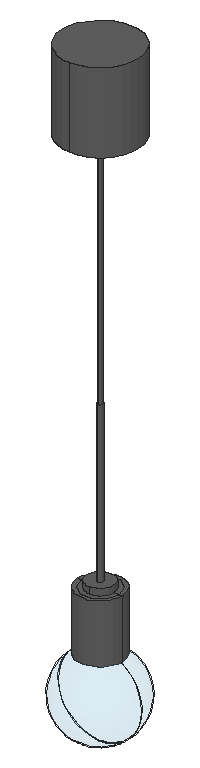
Revit family "Justerbar Lab Pendle_Bole", category Lighting Fixtures, Revit 2021
Family settings
  Round Connector Dimension = Use Diameter
  Part Type = Normal
  OmniClass Number = 23.80.70.00
  OmniClass Title = Lighting
  Work Plane-Based = No
  Always vertical = Yes
  Cut with Voids When Loaded = No
  Light Source = Yes
  Shared = No
  Room Calculation Point = No
Parameters
  Wattage = 9.2903 W
  built-in parameter 1150110 = 1 (stored number, unit not read)
  built-in parameter 1114217 = 1 (stored number, unit not read)
  built-in parameter 1150109 = 1 (stored number, unit not read)
  built-in parameter 1150134 = (empty or 0)
  Spredning = "120"
  Pendle Wire = 3360 mm
  Dist. floor [instance] = 3000 mm
  MacAdams = "< 3 SCDM"
  Lyskilde = "LED"
  Lumen = "660lm"
  Levetid = "L70 50.000 timer"
  Level Heigth [instance] = 4000 mm
  Kjøle metode = "Passiv"
  Frekvens Sekundærkilde = "> 1000 Hz"
  Frekvens = "50-60 Hz"
  Floor thickness [instance] = 300 mm
  Fargetemperatur = "2700K, 3000K,eller DW"
  Farger = "Sort"
  Effekt = "6W"
  Driftspenning = "220-240V"
  Dimbar = "Dali eller Triac"
  CRI = ">90"
  Beskyttelsesgrad = "IP20"
  Wirel-lengde [instance] = 2750 mm
  built-in parameter 1150113 = 1 (stored number, unit not read)
  Lumens = 1380 lm
  built-in parameter 1150115 = 1 (stored number, unit not read)
  built-in parameter 1150105 = 109.82 (stored number, unit not read)
  Light Source Symbol Size = 609.6 mm
  built-in parameter 1150137 = (empty or 0)
  built-in parameter 1150139 = (empty or 0)
  built-in parameter 1150112 = 1 (stored number, unit not read)
  built-in parameter 1150114 = 1 (stored number, unit not read)
  built-in parameter 1150132 = 2
  built-in parameter 1150102 = (empty or 0)
  built-in parameter 1150138 = (empty or 0)
  built-in parameter 1150107 = 3000 (stored number, unit not read)
  built-in parameter 1150106 = 1.0982 (stored number, unit not read)
  built-in parameter 1150104 = 13.8 (stored number, unit not read)
  Dimming Lamp Color Temperature Shift = (empty or 0)
  Default Elevation = 0 mm
  Color Filter = 16777215
  built-in parameter 1114218 = 1 (stored number, unit not read)
  built-in parameter 1150133 = 10 (stored number, unit not read)
Reference planes
  plane 1 "Light Source Axis (F/B)": y = 0
  plane 2: z = 0
  plane 3 "Light Source Axis (L/R)": x = 0
  plane 4 "Light Source Elevation": z = 3044.424
  plane 5 "Tak": z = 3700
  plane 6: z = 3610
  plane 7: z = 3603
  plane 8: z = 0.033
  plane 9: z = 4000
  plane 10: z = 3339.004
  plane 11: z = 3044.424
  plane 12: z = 3000
Forms (mm)
  Extrusion 1, solid, material "Default New Material"
    sketch origin (0, 0, 589.968) x (0, 1, 0) y (-1, 0, 0)
      loop
        circle (0, 0) r 42.5
    from 3020.032 to 3110.032
  Extrusion 2, solid, material "Default New Material"
    sketch origin (0, 0, 589.968) x (0, 1, 0) y (-1, 0, 0)
      loop
        circle (0, 0) r 6
    from 3013.032 to 3020.032
  Extrusion 3, solid, material "Default New Material"
    sketch origin (0, 0, 589.968) x (0, 1, 0) y (-1, 0, 0)
      loop
        circle (0, 0) r 2.031
    from 2749.036 to 3013.032
Dimensions and locks
  Extrusion 1 to Extrusion 1 to Extrusion 2 = 90 mm locked, 7 mm locked
  locked: plane 6 to plane 5 "Tak" at 90
  locked: plane 7 to plane 6 at 7
  "Floor thickness": plane 5 "Tak" to plane 9
  "Level Heigth": level to plane 9
  locked: plane 11 to plane 10 at 294.58
  "Dist. floor": level to plane 12
  locked: plane 12 to plane 11 at 44.424
  aligned and locked: plane 4 "Light Source Elevation" to imposter light
  aligned and locked: level to plane 2
  aligned and locked: plane 5 "Tak" to Extrusion 1
  aligned and locked: Extrusion 1 to plane 6
  aligned and locked: Extrusion 2 to Extrusion 1
  aligned and locked: Extrusion 2 to Extrusion 3
  aligned and locked: plane 7 to Extrusion 3
  aligned and locked: Extrusion 2 to plane 7
  aligned and locked: plane 6 to Extrusion 1
  aligned and locked: Extrusion 3 to plane 10
  aligned and locked: plane 10 to nested 1
  aligned and locked: plane 11 to nested 1
  aligned and locked: plane 4 "Light Source Elevation" to plane 11
Automatic sketch dimensions
  plane 1 "Light Source Axis (F/B)" to Extrusion 1 sketch curve = 0 mm
  Extrusion 1 sketch curve to plane 3 "Light Source Axis (L/R)" = 0 mm
  plane 1 "Light Source Axis (F/B)" to Extrusion 2 sketch curve = 0 mm
  Extrusion 2 sketch curve to plane 3 "Light Source Axis (L/R)" = 0 mm
  plane 1 "Light Source Axis (F/B)" to Extrusion 3 sketch curve = 0 mm
  Extrusion 3 sketch curve to plane 3 "Light Source Axis (L/R)" = 0 mm
  radius of Extrusion 1 sketch curve = 42.5 mm
  radius of Extrusion 2 sketch curve = 6 mm
  radius of Extrusion 3 sketch curve = 2.031 mm
Nested families
  nested 1: "Bole" at (0, 0, 3000.004), type "Bole"
Definition of nested family "Bole"
  Parameters
    Wattage = 9.2903 W
    built-in parameter 1150110 = 1 (stored number, unit not read)
    built-in parameter 1114217 = 1 (stored number, unit not read)
    built-in parameter 1150109 = 1 (stored number, unit not read)
    built-in parameter 1150134 = 3
    built-in parameter 1150113 = 1 (stored number, unit not read)
    built-in parameter 1150105 = 109.82 (stored number, unit not read)
    Lumens = 1380 lm
    built-in parameter 1150115 = 1 (stored number, unit not read)
    Light Source Symbol Size = 609.6 mm
    built-in parameter 1150137 = (empty or 0)
    built-in parameter 1150139 = (empty or 0)
    built-in parameter 1150112 = 1 (stored number, unit not read)
    built-in parameter 1150114 = 1 (stored number, unit not read)
    built-in parameter 1150132 = (empty or 0)
    built-in parameter 1150102 = (empty or 0)
    built-in parameter 1150107 = 3200 (stored number, unit not read)
    built-in parameter 1150138 = (empty or 0)
    built-in parameter 1150106 = 1.0982 (stored number, unit not read)
    built-in parameter 1150104 = 13.8 (stored number, unit not read)
    Dimming Lamp Color Temperature Shift = (empty or 0)
    Default Elevation = 0 mm
    Color Filter = 16777215
    built-in parameter 1114218 = 1 (stored number, unit not read)
    built-in parameter 1150133 = 10 (stored number, unit not read)
  Reference planes
    plane 1 "Center (Front/Back)": y = 0
    plane 2: z = 0
    plane 3 "Center (Left/Right)": x = 0
    plane 4: z = 44.42
  Forms (mm)
    Extrusion 1, solid
      sketch origin (0, 0, 589.931) x (0, 1, 0) y (-1, 0, 0)
        loop
          circle (0, 0) r 3.032
      from -427.931 to -250.931
    Extrusion 2, solid
      sketch origin (0, 0, 589.931) x (0, 1, 0) y (-1, 0, 0)
        loop
          circle (0, 0) r 15
      from -434.931 to -427.931
    Revolve 3, solid
      sketch origin (0, 0, -3410.069) x (1, 0, 0) y (0, 0, 1)
        loop
          line (25, 3565.069) -> (21.832, 3565.069) -> (0, 3565.069) -> (0, 3533.751) -> (21.832, 3533.751) -> (21.832, 3499.069) -> (25, 3499.069) -> (25, 3565.069)
        axis (0, 3499.069) -> (0, 3565.069)
      angle from 0 to 360
    Revolve 4, solid
      sketch origin (0, 0, -3410.069) x (1, 0, 0) y (0, 0, 1)
        loop
          line (0, 3533.166) -> (0, 3499) -> (21.729, 3499) -> (21.729, 3533.166) -> (0, 3533.166)
        axis (0, 3499) -> (0, 3533.166)
      angle from 0 to 360
    Revolve 5, solid
      sketch origin (0, 0, -3410.069) x (1, 0, 0) y (0, 0, 1)
        loop
          line (21.729, 3499) -> (19.413, 3499)
          arc (19.413, 3499) -> (45.398, 3447.155) -> (0, 3411.069) r 46.006
          line (0, 3411.069) -> (0, 3410.069)
          arc (0, 3410.069) -> (46.138, 3445.916) -> (21.729, 3499) r 47.007
        axis (0, 3410.069) -> (0, 3499)
      angle from 0 to 360
  Dimensions and locks
    Revolve 5 sketch curve to Revolve 3 = 89 mm
    aligned and locked: level to plane 2
    aligned and locked: Extrusion 1 to Extrusion 2
    aligned and locked: Extrusion 2 to Revolve 3
